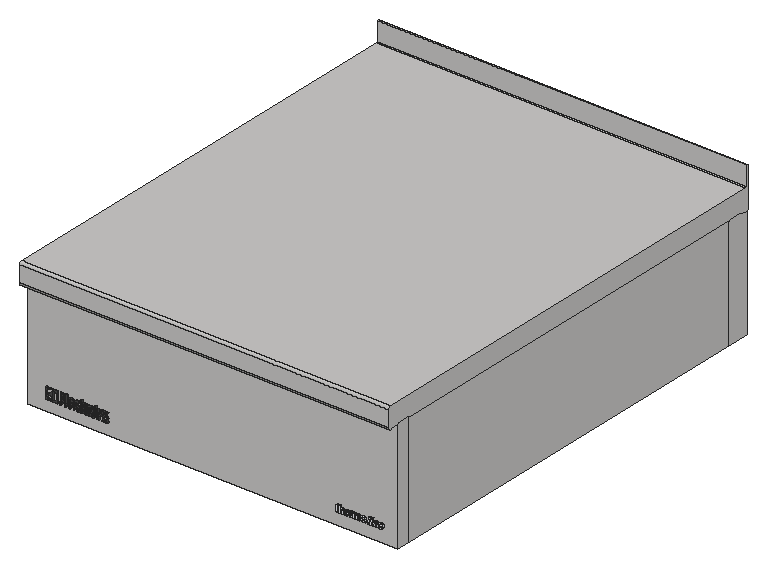
Revit family "QF_ELECTROLUXPROFESSIONAL_588566_MBNABBGOOO", category Attrezzature speciali, Revit 2020
Family settings
  Quota connettore circolare = Usa diametro
  Tipo di parte = Normale
  Basato su piano di lavoro = No
  Sempre verticale = Sì
  Taglio con vuoti quando caricato = No
  Condiviso = No
  Punto di calcolo locali = No
Parameters (values of type "Standard")
  Weight = 22.00 kg
  Watts = 0 W
  Volts = 0 V
  URL Manufacturer = "https://www.electroluxprofessional.com/"
  URL = "https://www.electroluxprofessional.com/"
  Steam Supply Size = 0"
  Steam Supply Minimum Pressure = 0.00 psi
  Steam Supply Maximum Pressure = 0.00 psi
  Steam Consumption per Hour = 0
  Refrigeration Suction Line Size = 0 mm
  Refrigeration Liquid Line Size = 0 mm
  Refrigerant Compressor Remote = yes
  Prospetto di default = 0 mm
  Phase = 0
  Modello = "MBNABBGOOO"
  Produttore = "Electrolux Professional"
  Length Actual = 700 mm  # constant formula
  Item Number = "588566"
  Hot Water Size = 0"
  Height Actual = 250 mm  # constant formula
  HP = "0 HP"
  Gas Size = 0"
  Gas KW = 0
  Gas Input Pressure = 0.0 Btu/h
  Direct Waste Size = 0"
  Descrizione = "WORK TOP,CLOSED,1-S,BACKSPL,700X850X250H"
  Depth Actual = 850 mm  # constant formula
  Cycle = 0 Hz
  Condensate Return Size = 0"
  Compressed Air Volume = 0 GPM
  Compressed Air Size = 0"
  Compressed Air Pressure = 0.00 psi
  Cold Water Size = 0"
  Accessory = yes
Reference planes
  plane 1 "BACK": y = 0
  plane 2: z = 0
  plane 3 "LEFT": x = 0
  plane 4 "RIGHT": x = 700
  plane 5 "FRONT": y = -850
  plane 6 "PLAIN": z = 900
  plane 7 "Center (Left/Right)": x = 350
  plane 8 "Center (Front/Back)": y = -425
  plane 9 "Grill": z = 888
  plane 10 "BASE": z = 650
  plane 11 "TOP": z = 938
  plane 12: x = 585
  plane 13: x = 35
Forms (mm)
  Extrusion 1, solid, material "QF_Finishes_Stainless Steel"
    sketch origin (0, 0, 650) x (0, 1, 0) y (0, 0, 1)
      loop
        line (0, 288) -> (-2, 288) -> (-2, 252)
        arc (-2, 252) -> (-2.586, 250.586) -> (-4, 250) r 2
        line (-4, 250) -> (-845, 250)
        arc (-845, 250) -> (-848.536, 248.536) -> (-850, 245) r 5
        line (-850, 245) -> (-850, 214)
        arc (-850, 214) -> (-848.571, 210.936) -> (-845.305, 210.061) r 4
        line (-845.305, 210.061) -> (-830, 212.969) -> (-20, 212.969) -> (-4.695, 210.061)
        arc (-4.695, 210.061) -> (-1.429, 210.936) -> (0, 214) r 4
        line (0, 214) -> (0, 288)
    from 0 to 700
  Extrusion 2, solid, material "QF_Finishes_Stainless Steel"
    sketch origin (350, 296.4, 1869.2) x (0, 1, 0) y (0, 0, 1)
      loop
        line (-299.4, -1009.461) -> (-316.4, -1006.231) -> (-341.4, -1006.231) -> (-341.4, -1219.2) -> (-299.4, -1219.2) -> (-299.4, -1009.461)
    from -350 to 350
  Extrusion 3, solid, material "QF_Finishes_Stainless Steel"
    sketch origin (0, 0, 650) x (0, 1, 0) y (0, 0, 1)
      loop
        line (-45, 212.969) -> (-805, 212.969) -> (-805, 0) -> (-45, 0) -> (-45, 212.969)
    from 0 to 700
  Extrusion 4, solid, material "QF_Finishes_Stainless Steel"
    sketch origin (0, 0, 0) x (0, 1, 0) y (0, 0, 1)
      loop
        line (-805, 862.969) -> (-830, 862.969) -> (-830, 650) -> (-805, 650) -> (-805, 862.969)
    from 0 to 700
Lines and regions (mm)
  symbolic lines
    curve 1: line (0, -850, 0) -> (0, 0, 0)
    curve 2: line (0, -850, 888) -> (700, -850, 888)
    curve 3: line (700, 0, 888) -> (0, 0, 888)
    curve 4: line (700, -850, 888) -> (700, 0, 888)
    curve 5: line (700, -2, 888) -> (0, -2, 888)
Dimensions and locks
  plane 3 "LEFT" to plane 4 "RIGHT" = 700 mm
  plane 5 "FRONT" to plane 1 "BACK" = 850 mm
  equal spacing: plane 3 "LEFT", plane 7 "Center (Left/Right)", plane 4 "RIGHT"
  equal spacing: plane 5 "FRONT", plane 8 "Center (Front/Back)", plane 1 "BACK"
  locked: plane 6 "PLAIN" to level at 900
  plane 6 "PLAIN" to plane 10 "BASE" = 250 mm
  plane 11 "TOP" to plane 6 "PLAIN" = 38 mm
  locked: plane 12 to plane 4 "RIGHT" at 115
  plane 13 to plane 3 "LEFT" = 35 mm
  aligned and locked: level to plane 2
  aligned and locked: Extrusion 4 to plane 3 "LEFT"
  aligned and locked: Extrusion 4 to plane 4 "RIGHT"
  aligned and locked: plane 3 "LEFT" to Extrusion 2
  aligned and locked: Extrusion 2 to plane 4 "RIGHT"
  aligned and locked: Extrusion 3 to plane 4 "RIGHT"
  aligned and locked: Extrusion 3 to plane 3 "LEFT"
  aligned and locked: Extrusion 1 to plane 3 "LEFT"
  aligned and locked: Extrusion 1 to plane 4 "RIGHT"
  aligned and locked: nested 1 to plane 12
Automatic sketch dimensions
  plane 1 "BACK" to curve 1 = 0 mm
  curve 1 to plane 3 "LEFT" = 0 mm
  plane 5 "FRONT" to curve 1 = 0 mm
  Extrusion 1 sketch curve to plane 5 "FRONT" = 0 mm
  Extrusion 1 sketch curve to plane 6 "PLAIN" = 0 mm
  Extrusion 1 sketch curve to plane 11 "TOP" = 0 mm
  Extrusion 1 sketch curve to plane 1 "BACK" = 0 mm
  Extrusion 1 sketch curve to Extrusion 1 sketch curve = 4 mm
  Extrusion 1 sketch curve to Extrusion 1 sketch curve = 0.695 mm
  Extrusion 1 sketch curve to Extrusion 1 sketch curve = 5 mm
  Extrusion 1 sketch curve to Extrusion 1 sketch curve = 15.305 mm
  plane 1 "BACK" to Extrusion 1 sketch curve = 20 mm
  plane 1 "BACK" to Extrusion 1 sketch curve = 4.695 mm
  plane 1 "BACK" to Extrusion 1 sketch curve = 4 mm  (x2)
  plane 1 "BACK" to Extrusion 1 sketch curve = 2 mm
  Extrusion 1 sketch curve to plane 9 "Grill" = 24 mm  (x2)
  Extrusion 1 sketch curve to Extrusion 1 sketch curve = 2.909 mm
  Extrusion 2 sketch curve to plane 10 "BASE" = 0 mm
  plane 1 "BACK" to Extrusion 2 sketch curve = 45 mm
  plane 1 "BACK" to Extrusion 2 sketch curve = 20 mm
  plane 1 "BACK" to Extrusion 2 sketch curve = 3 mm
  Extrusion 2 sketch curve to plane 9 "Grill" = 28.261 mm
  Extrusion 2 sketch curve to plane 9 "Grill" = 25.031 mm
  Extrusion 3 sketch curve to plane 10 "BASE" = 0 mm
  Extrusion 3 sketch curve to plane 5 "FRONT" = 45 mm
  plane 1 "BACK" to Extrusion 3 sketch curve = 45 mm
  Extrusion 3 sketch curve to plane 9 "Grill" = 25.031 mm
  curve 2 to plane 4 "RIGHT" = 0 mm
  plane 5 "FRONT" to curve 2 = 0 mm
  curve 5 to plane 3 "LEFT" = 0 mm
  plane 1 "BACK" to curve 4 = 0 mm
  curve 3 to plane 3 "LEFT" = 0 mm
  curve 2 to plane 3 "LEFT" = 0 mm
  curve 5 to curve 3 = 2 mm
  Extrusion 4 sketch curve to plane 10 "BASE" = 0 mm
  Extrusion 4 sketch curve to plane 5 "FRONT" = 20 mm
  Extrusion 4 sketch curve to Extrusion 4 sketch curve = 25 mm
  Extrusion 4 sketch curve to plane 9 "Grill" = 25.031 mm
Nested families
  nested 1: "ELX_ThermaLine_Small" at (624.867, -830, 680) x (1, 0, 0) z (0, -1, 0), type "ELX_ThermaLine_Small"
    with Show Logo yes, Material_Logo QF_Finishes_Black
  nested 2: "ELX_Professional_Logo_Small" at (94.486, -830, 682.232) x (1, 0, 0) z (0, -1, 0), type "ELX_Professional_Logo_Small"
    with Show Logo yes, Material_Logo QF_Finishes_Black
Definition of nested family "ELX_ThermaLine_Small"
  Parameters
    Show Logo [instance] = yes
    Material_Logo [instance] = none
    Default Elevation = 0 mm
  Reference planes
    plane 1 "Centro (Fronte/Retro)": y = 0
    plane 2: z = 0
    plane 3 "Centro (Sinistra/Destra)": x = 0
  Forms (mm)
    Extrusion 1, solid
      sketch origin (0, 0, 0) x (1, 0, 0) y (0, 1, 0)
        loop
          line (-1219.2, 1219.2) -> (-1219.2, -1219.2) -> (1219.2, -1219.2) -> (1219.2, 1219.2) -> (-1219.2, 1219.2)
      from 0 to -304.8
    Extrusion 2, solid
      sketch origin (0, 0, 0) x (1, 0, 0) y (0, 1, 0)
        loop
          line (-37.494, 1.229) -> (-35.908, 1.229) -> (-35.908, 3.066) -> (-37.494, 3.066) -> (-37.494, 6.221) -> (-39.867, 4.881) -> (-39.867, 3.066) -> (-40.969, 3.066) -> (-40.969, 1.229) -> (-39.867, 1.229) -> (-39.867, -3.407)
          arc (-39.867, -3.407) -> (-38.982, -5.513) -> (-36.751, -6.001) r 2.478
          line (-36.751, -6.001) -> (-35.638, -5.7) -> (-35.9, -3.835) -> (-36.661, -4.039)
          arc (-36.661, -4.039) -> (-37.236, -3.924) -> (-37.494, -3.399) r 0.662
          line (-37.494, -3.399) -> (-37.494, 1.229)
        loop
          line (-34.242, 6.539) -> (-34.242, -5.848) -> (-31.854, -5.848) -> (-31.854, -0.078)
          arc (-31.854, -0.078) -> (-30.939, 1.249) -> (-29.33, 1.367) r 1.866
          arc (-29.33, 1.367) -> (-28.695, 0.768) -> (-28.461, -0.073) r 1.627
          line (-28.461, -0.073) -> (-28.461, -5.848) -> (-26.086, -5.848) -> (-26.064, -0.46)
          arc (-26.064, -0.46) -> (-26.261, 0.932) -> (-26.786, 2.237) r 5.825
          arc (-26.786, 2.237) -> (-29.381, 3.264) -> (-31.854, 1.971) r 3.353
          line (-31.854, 1.971) -> (-31.854, 6.539) -> (-34.242, 6.539)
        loop
          arc (-18.398, -0.598) -> (-18.893, 0.879) -> (-20.326, 1.487) r 1.897
          arc (-20.326, 1.487) -> (-21.461, 0.708) -> (-21.897, -0.598) r 2.164
          line (-21.897, -0.598) -> (-18.398, -0.598)
        loop
          arc (-16.021, -2.044) -> (-16.754, 1.227) -> (-19.444, 3.226) r 4.814
          arc (-19.444, 3.226) -> (-22.137, 2.788) -> (-23.943, 0.743) r 4.054
          arc (-23.943, 0.743) -> (-24.382, -1.249) -> (-24.162, -3.276) r 6.289
          arc (-24.162, -3.276) -> (-23.302, -4.71) -> (-21.958, -5.705) r 4.28
          arc (-21.958, -5.705) -> (-18.558, -5.814) -> (-16.152, -3.409) r 4.28
          line (-16.152, -3.409) -> (-18.5, -2.995)
          arc (-18.5, -2.995) -> (-19.273, -3.994) -> (-20.533, -4.076) r 1.536
          arc (-20.533, -4.076) -> (-21.56, -3.281) -> (-21.958, -2.044) r 2.197
          line (-21.958, -2.044) -> (-16.021, -2.044)
        loop
          line (-14.165, -5.848) -> (-11.819, -5.848) -> (-11.819, -2.138)
          arc (-11.819, -2.138) -> (-11.787, -1.156) -> (-11.637, -0.185) r 8.18
          arc (-11.637, -0.185) -> (-10.644, 0.972) -> (-9.132, 0.776) r 1.603
          line (-9.132, 0.776) -> (-8.419, 2.846)
          arc (-8.419, 2.846) -> (-10.432, 3.118) -> (-11.994, 1.821) r 2.527
          line (-11.994, 1.821) -> (-11.994, 3.094) -> (-14.165, 3.094) -> (-14.165, -5.848)
        loop
          line (-7.579, 3.094) -> (-7.579, -5.848) -> (-5.178, -5.848) -> (-5.178, -0.756)
          arc (-5.178, -0.756) -> (-4.727, 0.679) -> (-3.417, 1.419) r 2.05
          arc (-3.417, 1.419) -> (-2.499, 0.908) -> (-2.155, -0.085) r 1.471
          line (-2.155, -0.085) -> (-2.155, -5.848) -> (0.23, -5.848) -> (0.23, -1.001)
          arc (0.23, -1.001) -> (0.47, 0.127) -> (1.148, 1.061) r 2.775
          arc (1.148, 1.061) -> (2.225, 1.329) -> (3.05, 0.587) r 1.182
          arc (3.05, 0.587) -> (3.199, -0.019) -> (3.214, -0.642) r 2.894
          line (3.214, -0.642) -> (3.214, -5.848) -> (5.601, -5.848) -> (5.601, 0.261)
          arc (5.601, 0.261) -> (4.87, 2.263) -> (2.976, 3.241) r 2.932
          arc (2.976, 3.241) -> (1.284, 2.973) -> (-0.047, 1.896) r 3.309
          arc (-0.047, 1.896) -> (-1.116, 2.865) -> (-2.506, 3.258) r 3.16
          arc (-2.506, 3.258) -> (-4.105, 2.942) -> (-5.376, 1.92) r 3.419
          line (-5.376, 1.92) -> (-5.376, 3.094) -> (-7.579, 3.094)
        loop
          line (7.583, 0.738) -> (9.702, 0.364)
          arc (9.702, 0.364) -> (11.441, 1.492) -> (12.855, -0.023) r 1.613
          line (12.855, -0.023) -> (9.782, -0.789)
          arc (9.782, -0.789) -> (8.559, -1.346) -> (7.617, -2.305) r 3.687
          arc (7.617, -2.305) -> (7.499, -3.681) -> (7.901, -5.003) r 3.651
          arc (7.901, -5.003) -> (9.107, -5.766) -> (10.515, -6.006) r 3.635
          arc (10.515, -6.006) -> (11.898, -5.697) -> (13.067, -4.895) r 3.734
          line (13.067, -4.895) -> (13.376, -5.848) -> (15.75, -5.848) -> (15.212, -4.193) -> (15.212, 0.38)
          arc (15.212, 0.38) -> (14.897, 1.849) -> (13.818, 2.895) r 2.585
          arc (13.818, 2.895) -> (11.792, 3.442) -> (9.719, 3.11) r 5.005
          arc (9.719, 3.11) -> (8.369, 2.178) -> (7.583, 0.738) r 3.54
        loop
          line (19.723, -5.848) -> (22.233, -5.848) -> (24.854, 6.484) -> (22.345, 6.484) -> (19.723, -5.848)
        loop
          line (24.583, -5.848) -> (26.953, -5.848) -> (28.848, 3.066) -> (26.478, 3.066) -> (24.583, -5.848)
        loop
          line (27.204, 6.484) -> (26.741, 4.305) -> (29.111, 4.305) -> (29.575, 6.484) -> (27.204, 6.484)
        loop
          line (29.355, -5.848) -> (31.849, -5.848) -> (33.098, 0.028)
          arc (33.098, 0.028) -> (34.169, 1.306) -> (35.832, 1.422) r 2.132
          arc (35.832, 1.422) -> (36.324, 0.752) -> (36.383, -0.078) r 1.5
          line (36.383, -0.078) -> (35.157, -5.848) -> (37.536, -5.848) -> (38.936, 0.738)
          arc (38.936, 0.738) -> (38.775, 2.091) -> (37.825, 3.066) r 2.118
          arc (37.825, 3.066) -> (35.392, 3.175) -> (33.295, 1.937) r 4.271
          line (33.295, 1.937) -> (33.535, 3.066) -> (31.25, 3.066) -> (29.355, -5.848)
        loop
          line (42.792, -0.64) -> (46.589, -0.64)
          arc (46.589, -0.64) -> (46.639, 0.124) -> (46.327, 0.823) r 1.589
          arc (46.327, 0.823) -> (45.117, 1.521) -> (43.762, 1.183) r 1.865
          arc (43.762, 1.183) -> (43.141, 0.344) -> (42.792, -0.64) r 3.538
        loop
          line (42.565, -2.138) -> (48.593, -2.138)
          arc (48.593, -2.138) -> (48.58, 0.597) -> (46.983, 2.818) r 4.494
          arc (46.983, 2.818) -> (44.191, 3.28) -> (41.725, 1.891) r 4.26
          arc (41.725, 1.891) -> (40.503, -0.3) -> (40.284, -2.799) r 6.003
          arc (40.284, -2.799) -> (40.959, -4.468) -> (42.377, -5.576) r 3.482
          arc (42.377, -5.576) -> (44.265, -5.961) -> (46.152, -5.576) r 4.823
          arc (46.152, -5.576) -> (47.432, -4.731) -> (48.328, -3.485) r 4.245
          line (48.328, -3.485) -> (46.168, -3.105)
          arc (46.168, -3.105) -> (45.214, -4.072) -> (43.859, -4.181) r 1.953
          arc (43.859, -4.181) -> (42.821, -3.408) -> (42.565, -2.138) r 1.81
        loop
          line (12.868, -1.553) -> (10.216, -2.214)
          arc (10.216, -2.214) -> (9.747, -3.136) -> (10.216, -4.058) r 1.14
          arc (10.216, -4.058) -> (11.537, -4.249) -> (12.614, -3.46) r 1.763
          arc (12.614, -3.46) -> (12.858, -2.522) -> (12.868, -1.553) r 3.97
      from 0 to 1.6
  Dimensions and locks
    aligned and locked: plane 2 to Extrusion 1
    aligned and locked: level to Extrusion 1
Definition of nested family "ELX_Professional_Logo_Small"
  Parameters
    Show Logo [instance] = yes
    Material_Logo [instance] = none
    Default Elevation = 0 mm
  Reference planes
    plane 1 "Centro (Fronte/Retro)": y = 0
    plane 2: z = 0
    plane 3 "Centro (Sinistra/Destra)": x = 0
  Forms (mm)
    Extrusion 1, solid
      sketch origin (0, 0, 0) x (1, 0, 0) y (0, 1, 0)
        loop
          line (-1219.2, 1219.2) -> (-1219.2, -1219.2) -> (1219.2, -1219.2) -> (1219.2, 1219.2) -> (-1219.2, 1219.2)
      from 0 to -304.8
    Extrusion 2, solid, material <- "Material_Logo"
      sketch origin (15.5, 0, 0) x (1, 0, 0) y (0, 1, 0)
        loop
          spline (-42.99, -1.24) -> (-43.195, -1.231) -> (-43.415, -1.203) -> (-43.642, -1.152) -> (-43.87, -1.074) -> (-44.095, -0.966) -> (-44.309, -0.825) -> (-44.506, -0.647) -> (-44.681, -0.429) -> (-44.828, -0.167) -> (-44.94, 0.142) -> (-45.011, 0.501) -> (-45.037, 0.915)
          line (-45.037, 0.915) -> (-45.037, 2.748) -> (-38.984, 2.748) -> (-38.984, 5.086) -> (-45.038, 5.086) -> (-45.038, 8.489) -> (-38.599, 8.489) -> (-38.599, 10.82) -> (-47.515, 10.82) -> (-47.515, 1.021)
          spline (-47.515, 1.021) -> (-47.493, 0.418) -> (-47.425, -0.15) -> (-47.311, -0.682) -> (-47.15, -1.175) -> (-46.939, -1.628) -> (-46.678, -2.038) -> (-46.365, -2.404) -> (-46, -2.723) -> (-45.58, -2.995) -> (-45.105, -3.216) -> (-44.573, -3.385) -> (-43.983, -3.499)
          line (-43.983, -3.499) -> (-43.01, -3.569) -> (-38.426, -3.569) -> (-38.426, -1.24) -> (-42.99, -1.24)
        loop
          line (-36.666, 4.021) -> (-36.666, -3.573) -> (-34.188, -3.573) -> (-34.188, 10.824) -> (-36.666, 10.824) -> (-36.666, 4.021)
        loop
          spline (-21.915, 1.897) -> (-21.957, 2.615) -> (-22.082, 3.303) -> (-22.285, 3.955) -> (-22.563, 4.564) -> (-22.913, 5.124) -> (-23.331, 5.629) -> (-23.814, 6.074) -> (-24.359, 6.451) -> (-24.961, 6.755) -> (-25.618, 6.98) -> (-26.326, 7.119) -> (-27.081, 7.167)
          spline (-27.081, 7.167) -> (-27.853, 7.122) -> (-28.586, 6.99) -> (-29.275, 6.774) -> (-29.915, 6.478) -> (-30.5, 6.104) -> (-31.024, 5.657) -> (-31.483, 5.138) -> (-31.871, 4.553) -> (-32.182, 3.904) -> (-32.411, 3.194) -> (-32.552, 2.427) -> (-32.6, 1.606)
          spline (-32.6, 1.606) -> (-32.553, 0.805) -> (-32.416, 0.057) -> (-32.193, -0.637) -> (-31.887, -1.271) -> (-31.504, -1.843) -> (-31.048, -2.35) -> (-30.523, -2.788) -> (-29.934, -3.154) -> (-29.284, -3.444) -> (-28.579, -3.656) -> (-27.822, -3.785) -> (-27.019, -3.829)
          spline (-27.019, -3.829) -> (-26.627, -3.82) -> (-26.239, -3.79) -> (-25.856, -3.739) -> (-25.477, -3.663) -> (-25.103, -3.562) -> (-24.734, -3.432) -> (-24.369, -3.273) -> (-24.01, -3.082) -> (-23.655, -2.858) -> (-23.305, -2.597) -> (-22.96, -2.299) -> (-22.621, -1.962)
          line (-22.621, -1.962) -> (-24.114, -0.509)
          spline (-24.114, -0.509) -> (-24.311, -0.699) -> (-24.509, -0.872) -> (-24.71, -1.03) -> (-24.915, -1.172) -> (-25.126, -1.297) -> (-25.346, -1.407) -> (-25.576, -1.5) -> (-25.817, -1.576) -> (-26.072, -1.636) -> (-26.342, -1.678) -> (-26.629, -1.704) -> (-26.936, -1.713)
          spline (-26.936, -1.713) -> (-27.384, -1.691) -> (-27.805, -1.625) -> (-28.196, -1.518) -> (-28.556, -1.372) -> (-28.882, -1.187) -> (-29.174, -0.966) -> (-29.429, -0.71) -> (-29.645, -0.422) -> (-29.821, -0.102) -> (-29.955, 0.247) -> (-30.045, 0.623) -> (-30.089, 1.026)
          line (-30.089, 1.026) -> (-21.956, 1.026) -> (-21.915, 1.897)
        loop
          spline (-24.446, 2.769) -> (-24.47, 3.075) -> (-24.54, 3.37) -> (-24.654, 3.65) -> (-24.807, 3.913) -> (-24.996, 4.156) -> (-25.219, 4.376) -> (-25.472, 4.57) -> (-25.753, 4.736) -> (-26.057, 4.869) -> (-26.382, 4.968) -> (-26.724, 5.03) -> (-27.081, 5.051)
          spline (-27.081, 5.051) -> (-27.464, 5.03) -> (-27.832, 4.97) -> (-28.183, 4.872) -> (-28.513, 4.74) -> (-28.819, 4.577) -> (-29.099, 4.384) -> (-29.347, 4.165) -> (-29.563, 3.923) -> (-29.742, 3.659) -> (-29.881, 3.377) -> (-29.977, 3.079) -> (-30.027, 2.769)
          line (-30.027, 2.769) -> (-24.446, 2.769)
        loop
          spline (-18.167, 1.669) -> (-18.138, 2.13) -> (-18.055, 2.567) -> (-17.921, 2.978) -> (-17.739, 3.358) -> (-17.512, 3.705) -> (-17.243, 4.016) -> (-16.937, 4.287) -> (-16.596, 4.517) -> (-16.223, 4.7) -> (-15.823, 4.835) -> (-15.398, 4.919) -> (-14.951, 4.947)
          spline (-14.951, 4.947) -> (-14.677, 4.938) -> (-14.414, 4.913) -> (-14.162, 4.871) -> (-13.921, 4.812) -> (-13.69, 4.738) -> (-13.467, 4.649) -> (-13.254, 4.544) -> (-13.048, 4.424) -> (-12.85, 4.291) -> (-12.659, 4.143) -> (-12.474, 3.981) -> (-12.295, 3.806)
          line (-12.295, 3.806) -> (-10.76, 5.403)
          spline (-10.76, 5.403) -> (-11.065, 5.709) -> (-11.38, 5.984) -> (-11.703, 6.228) -> (-12.035, 6.443) -> (-12.375, 6.63) -> (-12.723, 6.788) -> (-13.078, 6.92) -> (-13.44, 7.026) -> (-13.809, 7.107) -> (-14.184, 7.164) -> (-14.564, 7.198) -> (-14.951, 7.209)
          spline (-14.951, 7.209) -> (-15.725, 7.161) -> (-16.467, 7.02) -> (-17.169, 6.792) -> (-17.826, 6.482) -> (-18.43, 6.096) -> (-18.976, 5.637) -> (-19.455, 5.112) -> (-19.862, 4.525) -> (-20.19, 3.882) -> (-20.433, 3.189) -> (-20.584, 2.449) -> (-20.635, 1.669)
          spline (-20.635, 1.669) -> (-20.584, 0.889) -> (-20.433, 0.149) -> (-20.19, -0.545) -> (-19.862, -1.187) -> (-19.455, -1.774) -> (-18.976, -2.299) -> (-18.43, -2.758) -> (-17.826, -3.145) -> (-17.169, -3.454) -> (-16.467, -3.682) -> (-15.725, -3.823) -> (-14.951, -3.871)
          spline (-14.951, -3.871) -> (-14.564, -3.86) -> (-14.184, -3.826) -> (-13.809, -3.77) -> (-13.44, -3.689) -> (-13.078, -3.583) -> (-12.723, -3.451) -> (-12.375, -3.292) -> (-12.035, -3.105) -> (-11.703, -2.89) -> (-11.38, -2.646) -> (-11.065, -2.371) -> (-10.76, -2.066)
          line (-10.76, -2.066) -> (-12.295, -0.468)
          spline (-12.295, -0.468) -> (-12.474, -0.643) -> (-12.659, -0.805) -> (-12.85, -0.953) -> (-13.048, -1.087) -> (-13.254, -1.206) -> (-13.467, -1.311) -> (-13.69, -1.4) -> (-13.921, -1.475) -> (-14.162, -1.533) -> (-14.414, -1.575) -> (-14.677, -1.6) -> (-14.951, -1.609)
          spline (-14.951, -1.609) -> (-15.398, -1.581) -> (-15.823, -1.497) -> (-16.223, -1.362) -> (-16.596, -1.179) -> (-16.937, -0.95) -> (-17.243, -0.678) -> (-17.512, -0.367) -> (-17.739, -0.02) -> (-17.921, 0.36) -> (-18.055, 0.771) -> (-18.138, 1.208) -> (-18.167, 1.669)
        loop
          spline (-4.441, -1.243) -> (-4.659, -1.247) -> (-4.894, -1.23) -> (-5.137, -1.19) -> (-5.384, -1.121) -> (-5.628, -1.021) -> (-5.864, -0.884) -> (-6.084, -0.708) -> (-6.283, -0.488) -> (-6.454, -0.219) -> (-6.592, 0.101) -> (-6.69, 0.478) -> (-6.742, 0.914)
          line (-6.742, 0.914) -> (-6.742, 4.587) -> (-4.487, 4.587) -> (-4.487, 6.838) -> (-6.738, 6.838) -> (-6.738, 10.824) -> (-9.217, 10.824) -> (-9.217, 0.773)
          spline (-9.217, 0.773) -> (-9.164, 0.19) -> (-9.068, -0.358) -> (-8.928, -0.87) -> (-8.742, -1.343) -> (-8.511, -1.777) -> (-8.232, -2.168) -> (-7.904, -2.515) -> (-7.527, -2.816) -> (-7.098, -3.069) -> (-6.618, -3.273) -> (-6.084, -3.426) -> (-5.496, -3.525)
          line (-5.496, -3.525) -> (-4.45, -3.573) -> (-4.441, -1.243)
        loop
          spline (3.898, 6.983) -> (3.469, 7.009) -> (3.056, 7.001) -> (2.661, 6.961) -> (2.283, 6.888) -> (1.925, 6.785) -> (1.588, 6.652) -> (1.272, 6.49) -> (0.979, 6.301) -> (0.71, 6.085) -> (0.465, 5.844) -> (0.247, 5.578) -> (0.056, 5.289)
          line (0.056, 5.289) -> (0.056, 6.838) -> (-2.402, 6.838) -> (-2.402, -3.572) -> (0.056, -3.572) -> (0.056, 1.901)
          spline (0.056, 1.901) -> (0.079, 2.316) -> (0.145, 2.703) -> (0.254, 3.06) -> (0.404, 3.386) -> (0.592, 3.679) -> (0.818, 3.938) -> (1.08, 4.162) -> (1.375, 4.348) -> (1.703, 4.495) -> (2.062, 4.602) -> (2.45, 4.668) -> (2.865, 4.69)
          line (2.865, 4.69) -> (3.898, 4.586) -> (3.898, 6.983)
        loop
          spline (15.638, 1.633) -> (15.586, 2.396) -> (15.435, 3.124) -> (15.192, 3.81) -> (14.863, 4.449) -> (14.455, 5.034) -> (13.975, 5.56) -> (13.43, 6.021) -> (12.826, 6.411) -> (12.17, 6.724) -> (11.469, 6.955) -> (10.729, 7.098) -> (9.958, 7.147)
          spline (9.958, 7.147) -> (9.182, 7.098) -> (8.44, 6.955) -> (7.737, 6.724) -> (7.081, 6.411) -> (6.477, 6.021) -> (5.933, 5.56) -> (5.454, 5.034) -> (5.048, 4.449) -> (4.721, 3.81) -> (4.479, 3.124) -> (4.329, 2.396) -> (4.277, 1.633)
          spline (4.277, 1.633) -> (4.329, 0.869) -> (4.479, 0.141) -> (4.721, -0.544) -> (5.048, -1.183) -> (5.454, -1.768) -> (5.933, -2.294) -> (6.477, -2.755) -> (7.081, -3.145) -> (7.737, -3.459) -> (8.44, -3.69) -> (9.182, -3.833) -> (9.958, -3.882)
          spline (9.958, -3.882) -> (10.729, -3.833) -> (11.469, -3.69) -> (12.17, -3.459) -> (12.826, -3.145) -> (13.43, -2.755) -> (13.975, -2.294) -> (14.455, -1.768) -> (14.863, -1.183) -> (15.192, -0.544) -> (15.435, 0.141) -> (15.586, 0.869) -> (15.638, 1.633)
        loop
          spline (13.18, 1.633) -> (13.151, 2.083) -> (13.067, 2.513) -> (12.932, 2.918) -> (12.748, 3.296) -> (12.52, 3.642) -> (12.251, 3.954) -> (11.943, 4.227) -> (11.601, 4.459) -> (11.228, 4.645) -> (10.828, 4.782) -> (10.403, 4.867) -> (9.958, 4.896)
          spline (9.958, 4.896) -> (9.509, 4.867) -> (9.081, 4.782) -> (8.679, 4.645) -> (8.306, 4.459) -> (7.964, 4.227) -> (7.658, 3.954) -> (7.39, 3.642) -> (7.163, 3.296) -> (6.981, 2.918) -> (6.847, 2.513) -> (6.765, 2.083) -> (6.736, 1.633)
          spline (6.736, 1.633) -> (6.765, 1.182) -> (6.847, 0.753) -> (6.981, 0.347) -> (7.163, -0.031) -> (7.39, -0.377) -> (7.658, -0.689) -> (7.964, -0.962) -> (8.306, -1.193) -> (8.679, -1.38) -> (9.081, -1.517) -> (9.509, -1.602) -> (9.958, -1.631)
          spline (9.958, -1.631) -> (10.403, -1.602) -> (10.828, -1.517) -> (11.228, -1.38) -> (11.601, -1.193) -> (11.943, -0.962) -> (12.251, -0.689) -> (12.52, -0.377) -> (12.748, -0.031) -> (12.932, 0.347) -> (13.067, 0.753) -> (13.151, 1.182) -> (13.18, 1.633)
        loop
          line (17.162, 4.269) -> (17.162, -3.573) -> (19.642, -3.573) -> (19.642, 10.824) -> (17.162, 10.824) -> (17.162, 4.269)
        loop
          line (28.581, 6.838) -> (28.581, 0.786)
          spline (28.581, 0.786) -> (28.561, 0.393) -> (28.503, 0.038) -> (28.409, -0.279) -> (28.281, -0.559) -> (28.122, -0.802) -> (27.933, -1.011) -> (27.717, -1.185) -> (27.476, -1.325) -> (27.213, -1.433) -> (26.929, -1.509) -> (26.626, -1.554) -> (26.308, -1.569)
          spline (26.308, -1.569) -> (25.99, -1.554) -> (25.688, -1.509) -> (25.404, -1.434) -> (25.141, -1.326) -> (24.9, -1.187) -> (24.684, -1.014) -> (24.496, -0.807) -> (24.336, -0.565) -> (24.209, -0.288) -> (24.115, 0.026) -> (24.057, 0.376) -> (24.037, 0.765)
          line (24.037, 0.765) -> (24.037, 6.838) -> (21.537, 6.838) -> (21.537, 0.558)
          spline (21.537, 0.558) -> (21.581, -0.153) -> (21.71, -0.8) -> (21.916, -1.384) -> (22.195, -1.904) -> (22.54, -2.362) -> (22.944, -2.757) -> (23.403, -3.09) -> (23.909, -3.362) -> (24.456, -3.572) -> (25.04, -3.722) -> (25.652, -3.811) -> (26.288, -3.841)
          spline (26.288, -3.841) -> (26.929, -3.811) -> (27.547, -3.72) -> (28.135, -3.568) -> (28.687, -3.355) -> (29.197, -3.079) -> (29.66, -2.741) -> (30.068, -2.341) -> (30.415, -1.877) -> (30.696, -1.349) -> (30.905, -0.757) -> (31.034, -0.101) -> (31.079, 0.621)
          line (31.079, 0.621) -> (31.079, 6.838) -> (28.581, 6.838)
        loop
          line (40.457, -0.243) -> (38.894, 1.942) -> (40.83, 4.579) -> (42.488, 6.837) -> (39.782, 6.837) -> (37.53, 3.719) -> (35.258, 6.837) -> (32.573, 6.837) -> (34.113, 4.731) -> (36.167, 1.922) -> (34.014, -1.076) -> (32.222, -3.573) -> (34.887, -3.573) -> (37.53, 0.104) -> (40.174, -3.573) -> (42.839, -3.573) -> (40.457, -0.243)
        loop
          line (-46.121, -5.837) -> (-48.039, -5.837) -> (-48.039, -10.814) -> (-47.016, -10.814) -> (-47.016, -9.128) -> (-46.121, -9.128)
          arc (-46.121, -9.128) -> (-44.476, -7.482) -> (-46.121, -5.837) r 1.645
        loop
          line (-46.163, -6.778) -> (-47.016, -6.778) -> (-47.016, -8.187) -> (-46.163, -8.187)
          arc (-46.163, -8.187) -> (-45.458, -7.482) -> (-46.163, -6.778) r 0.704
        loop
          line (-38.313, -5.837) -> (-40.265, -5.837) -> (-40.265, -10.814) -> (-39.241, -10.814) -> (-39.241, -9.1) -> (-38.46, -9.182) -> (-37.48, -10.814) -> (-36.318, -10.814) -> (-37.513, -8.848)
          arc (-37.513, -8.848) -> (-36.888, -8.266) -> (-36.671, -7.441) r 1.536
          arc (-36.671, -7.441) -> (-37.165, -6.305) -> (-38.313, -5.837) r 1.643
        loop
          arc (-38.402, -8.166) -> (-37.707, -7.505) -> (-38.334, -6.778) r 0.696
          line (-38.334, -6.778) -> (-39.241, -6.778) -> (-39.241, -8.166) -> (-38.402, -8.166)
        loop
          circle (-29.965, -8.325) r 2.585
        loop
          circle (-29.965, -8.325) r 1.64
        loop
          line (-23.1, -5.837) -> (-23.1, -10.814) -> (-22.076, -10.814) -> (-22.076, -8.768) -> (-20.204, -8.768) -> (-20.204, -7.828) -> (-22.076, -7.828) -> (-22.076, -6.778) -> (-20.024, -6.778) -> (-20.024, -5.837) -> (-23.1, -5.837)
        loop
          line (-15.802, -5.837) -> (-15.802, -9.2)
          arc (-15.802, -9.2) -> (-15.343, -10.34) -> (-14.209, -10.814) r 1.593
          line (-14.209, -10.814) -> (-12.602, -10.814) -> (-12.602, -10.027) -> (-14.004, -10.027)
          arc (-14.004, -10.027) -> (-14.552, -9.8) -> (-14.779, -9.252) r 0.775
          line (-14.779, -9.252) -> (-14.779, -8.424) -> (-12.789, -8.424) -> (-12.789, -7.642) -> (-14.779, -7.642) -> (-14.779, -6.778) -> (-12.651, -6.778) -> (-12.651, -5.837) -> (-15.802, -5.837)
        loop
          line (-5.909, -7.143) -> (-5.173, -6.638)
          arc (-5.173, -6.638) -> (-5.855, -5.974) -> (-6.781, -5.755) r 1.782
          arc (-6.781, -5.755) -> (-7.397, -5.878) -> (-7.944, -6.189) r 1.974
          arc (-7.944, -6.189) -> (-8.202, -6.5) -> (-8.317, -6.888) r 1.013
          arc (-8.317, -6.888) -> (-8.306, -7.341) -> (-8.192, -7.78) r 1.985
          arc (-8.192, -7.78) -> (-7.749, -8.259) -> (-7.171, -8.563) r 1.928
          arc (-7.171, -8.563) -> (-6.637, -8.779) -> (-6.131, -9.056) r 5.041
          arc (-6.131, -9.056) -> (-5.934, -9.387) -> (-6.09, -9.74) r 0.42
          arc (-6.09, -9.74) -> (-6.631, -9.96) -> (-7.204, -9.845) r 1.016
          arc (-7.204, -9.845) -> (-7.625, -9.603) -> (-7.889, -9.196) r 1.033
          line (-7.889, -9.196) -> (-8.67, -9.686)
          arc (-8.67, -9.686) -> (-8.361, -10.198) -> (-7.908, -10.589) r 1.914
          arc (-7.908, -10.589) -> (-7.334, -10.834) -> (-6.714, -10.896) r 2.063
          arc (-6.714, -10.896) -> (-5.947, -10.743) -> (-5.256, -10.376) r 2.696
          arc (-5.256, -10.376) -> (-4.95, -9.565) -> (-5.108, -8.712) r 1.618
          arc (-5.108, -8.712) -> (-5.448, -8.319) -> (-5.884, -8.035) r 1.876
          arc (-5.884, -8.035) -> (-6.434, -7.789) -> (-6.999, -7.577) r 9.883
          arc (-6.999, -7.577) -> (-7.325, -7.07) -> (-6.854, -6.694) r 0.45
          arc (-6.854, -6.694) -> (-6.329, -6.809) -> (-5.909, -7.143) r 1.197
        loop
          line (1.61, -7.143) -> (2.345, -6.638)
          arc (2.345, -6.638) -> (1.663, -5.974) -> (0.737, -5.755) r 1.782
          arc (0.737, -5.755) -> (0.121, -5.878) -> (-0.425, -6.189) r 1.974
          arc (-0.425, -6.189) -> (-0.683, -6.5) -> (-0.799, -6.888) r 1.013
          arc (-0.799, -6.888) -> (-0.788, -7.341) -> (-0.674, -7.78) r 1.985
          arc (-0.674, -7.78) -> (-0.231, -8.259) -> (0.347, -8.563) r 1.928
          arc (0.347, -8.563) -> (0.881, -8.779) -> (1.387, -9.056) r 5.041
          arc (1.387, -9.056) -> (1.584, -9.387) -> (1.428, -9.74) r 0.42
          arc (1.428, -9.74) -> (0.887, -9.96) -> (0.314, -9.845) r 1.016
          arc (0.314, -9.845) -> (-0.107, -9.603) -> (-0.371, -9.196) r 1.033
          line (-0.371, -9.196) -> (-1.152, -9.686)
          arc (-1.152, -9.686) -> (-0.842, -10.198) -> (-0.39, -10.589) r 1.914
          arc (-0.39, -10.589) -> (0.184, -10.834) -> (0.804, -10.896) r 2.063
          arc (0.804, -10.896) -> (1.572, -10.743) -> (2.263, -10.376) r 2.696
          arc (2.263, -10.376) -> (2.568, -9.565) -> (2.411, -8.712) r 1.618
          arc (2.411, -8.712) -> (2.07, -8.319) -> (1.635, -8.035) r 1.876
          arc (1.635, -8.035) -> (1.084, -7.789) -> (0.519, -7.577) r 9.883
          arc (0.519, -7.577) -> (0.193, -7.07) -> (0.665, -6.694) r 0.45
          arc (0.665, -6.694) -> (1.189, -6.809) -> (1.61, -7.143) r 1.197
        loop
          line (6.801, -5.837) -> (6.801, -10.814) -> (7.825, -10.814) -> (7.825, -5.837) -> (6.801, -5.837)
        loop
          circle (14.724, -8.325) r 1.548
        loop
          circle (14.724, -8.325) r 2.585
        loop
          line (21.59, -10.814) -> (22.623, -10.814) -> (22.623, -7.685) -> (24.9, -10.814) -> (25.895, -10.814) -> (25.895, -5.837) -> (24.861, -5.837) -> (24.861, -9.061) -> (22.585, -5.837) -> (21.59, -5.837) -> (21.59, -10.814)
        loop
          line (31.054, -10.814) -> (31.539, -9.74) -> (33.38, -9.74) -> (33.865, -10.814) -> (34.965, -10.814) -> (32.46, -5.837) -> (29.956, -10.814) -> (31.054, -10.814)
        loop
          line (32.46, -7.698) -> (31.999, -8.719) -> (32.921, -8.719) -> (32.46, -7.698)
        loop
          line (40.047, -9.873) -> (40.047, -5.837) -> (39.024, -5.837) -> (39.024, -10.814) -> (41.961, -10.814) -> (41.961, -9.873) -> (40.047, -9.873)
        loop
          line (-74.986, -10.814) -> (-53.322, -10.814) -> (-53.322, 10.82) -> (-74.986, 10.82) -> (-74.986, -10.814)
        loop
          line (-61.261, 9.758) -> (-61.261, -9.707)
          arc (-61.261, -9.707) -> (-54.066, 0.025) -> (-61.261, 9.758) r 10.18
        loop
          line (-62.251, 8.349) -> (-62.251, 9.758)
          arc (-62.251, 9.758) -> (-70.347, 7.918) -> (-74.247, 0.59) r 9.976
          line (-74.247, 0.59) -> (-71.026, 0.59)
          arc (-71.026, 0.59) -> (-65.274, 2.925) -> (-62.251, 8.349) r 9.351
        loop
          arc (-74.247, -0.539) -> (-70.353, -7.928) -> (-62.251, -9.957) r 10.237
          line (-62.251, -9.957) -> (-62.251, -8.298)
          arc (-62.251, -8.298) -> (-65.274, -2.874) -> (-71.026, -0.539) r 9.351
          line (-71.026, -0.539) -> (-74.247, -0.539)
      from 0 to 1.644
  Dimensions and locks
    aligned and locked: plane 2 to Extrusion 1
    aligned and locked: level to Extrusion 1
